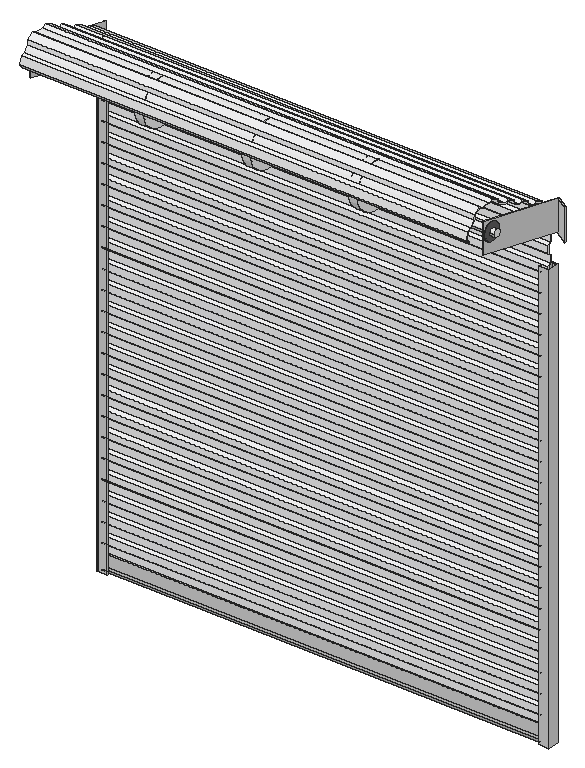
Revit family "Doors_Industrial_Wayne-Dalton_Roll-Up-Sheet-Mini-Storage-Doors-Model-DS-75_", category Specialty Equipment, host Wall, Revit 2019 (continued)
Definition of nested family "Top Slat"
  Lines and regions (in)
    symbolic lines
      curve 24: line (-40, -4.04848, 0) -> (40, -4.04848, 0)
    symbolic lines, visible <- "H2"
      curve 25: line (-40, 13.99447, 0) -> (40, 13.99447, 0)
      curve 26: line (-40, 13.05417, 0) -> (40, 13.05417, 0)
      curve 27: line (40, 13.15169, 0) -> (-40, 13.15169, 0)
      curve 28: line (-40, 11.86627, 0) -> (40, 11.86627, 0)
    symbolic lines, visible <- "H3"
      curve 29: line (40, 15.07359, 0) -> (-40, 15.07359, 0)
      curve 30: line (-40, 14.50531, 0) -> (40, 14.50531, 0)
      curve 31: line (-40, 14.35979, 0) -> (40, 14.35979, 0)
      curve 32: line (-40, 12.75531, 0) -> (40, 12.75531, 0)
      curve 33: line (-40, 12.60979, 0) -> (40, 12.60979, 0)
  Dimensions and locks (in)
    equal spacing: plane 4, plane 3 "Center (Left/Right)", plane 5
    "Opening Width": plane 4 to plane 5
    locked: curve 1 to curve 1 at 15
    locked: curve 2 to curve 2 at 15
    locked: curve 3 to curve 3 at 15
    "Offset 2": curve 2 to curve 1
    "Offset 1": curve 3 to curve 2
    "Primar Offset": curve 3 to level
    locked: level to curve 4 at 2.14106
    locked: Extrusion 2 sketch curve to Extrusion 2 sketch curve at 0.04825
    locked: plane 6 to plane 1 "Center (Front/Back)" at 4.39453
    "Headroom Width": plane 7 to plane 6
    locked: plane 7 to plane 8 at 1
    locked: Extrusion 3 sketch curve to Extrusion 3 sketch curve at 0.03956
    locked: Extrusion 3 sketch curve to Extrusion 3 sketch curve at 0.04  (x3)
    locked: Extrusion 4 sketch curve to Extrusion 4 sketch curve at 0.04825
    locked: Extrusion 4 sketch curve to Extrusion 4 sketch curve at 0.048
    locked: curve 4 to Extrusion 3 sketch curve at 0.00045
    locked: curve 4 to Extrusion 1 sketch curve at 0
    locked: curve 4 to Extrusion 1 sketch curve at 0.02514
    locked: curve 4 to Extrusion 2 sketch curve at 0
    locked: curve 4 to Extrusion 2 sketch curve at 0.0298
    locked: curve 4 to Extrusion 3 sketch curve at 0.0265
    locked: curve 4 to Extrusion 4 sketch curve at 0
    curve 4 to Extrusion 4 sketch curve = 0.03078"
    locked: Extrusion 5 sketch curve to Extrusion 5 sketch curve at 0.03956
    locked: Extrusion 5 sketch curve to Extrusion 5 sketch curve at 0.04  (x3)
    locked: Extrusion 6 sketch curve to Extrusion 6 sketch curve at 0.04825
    locked: Extrusion 6 sketch curve to Extrusion 6 sketch curve at 0.048
    locked: curve 4 to Extrusion 5 sketch curve at 0.00045
    locked: curve 4 to Extrusion 5 sketch curve at 0.0265
    locked: curve 4 to Extrusion 6 sketch curve at 0
    locked: curve 4 to Extrusion 6 sketch curve at 0.03123
    aligned and locked: plane 2 to level
    aligned and locked: plane 4 to Extrusion 1
    aligned and locked: plane 5 to Extrusion 1
    aligned and locked: plane 1 "Center (Front/Back)" to curve 1
    aligned and locked: plane 1 "Center (Front/Back)" to curve 2
    aligned and locked: plane 1 "Center (Front/Back)" to curve 3
    aligned and locked: curve 1 to Extrusion 1 sketch curve
    aligned and locked: plane 4 to Extrusion 2
    aligned and locked: plane 5 to Extrusion 2
    aligned and locked: Extrusion 2 sketch curve to Extrusion 2 sketch curve  (x4)
    aligned and locked: Masking region 1 sketch curve to plane 4
    aligned and locked: plane 5 to Masking region 1 sketch curve
    aligned and locked: curve 1 to Extrusion 2 sketch curve
    aligned and locked: curve 5 to plane 1 "Center (Front/Back)"
    aligned and locked: level to curve 5
    aligned and locked: plane 8 to Masking region 1 sketch curve
    aligned and locked: Masking region 1 sketch curve to plane 6
    aligned and locked: Extrusion 1 sketch curve to Extrusion 1 sketch curve  (x2)
    aligned and locked: Extrusion 4 sketch curve to Extrusion 4 sketch curve  (x4)
    aligned and locked: Extrusion 3 sketch curve to Extrusion 3 sketch curve  (x4)
    aligned and locked: curve 1 to Extrusion 3 sketch curve
    aligned and locked: curve 1 to Extrusion 4 sketch curve
    aligned and locked: plane 4 to curve 6
    aligned and locked: plane 4 to curve 7
    aligned and locked: plane 4 to curve 8
    aligned and locked: plane 4 to curve 9
    aligned and locked: plane 4 to curve 10
    aligned and locked: plane 4 to curve 11
    aligned and locked: plane 4 to curve 13
    aligned and locked: plane 4 to curve 12
    aligned and locked: plane 4 to curve 14
    aligned and locked: plane 4 to curve 15
    aligned and locked: plane 4 to curve 17
    aligned and locked: plane 4 to curve 16
    aligned and locked: plane 4 to curve 18
    aligned and locked: plane 4 to curve 20
    aligned and locked: plane 4 to curve 21
    aligned and locked: plane 4 to curve 22
    aligned and locked: plane 4 to curve 23
    aligned and locked: plane 4 to curve 24
    aligned and locked: plane 5 to curve 6
    aligned and locked: plane 5 to curve 7
    aligned and locked: plane 5 to curve 8
    aligned and locked: plane 5 to curve 9
    aligned and locked: plane 5 to curve 10
    aligned and locked: plane 5 to curve 11
    aligned and locked: plane 5 to curve 13
    aligned and locked: plane 5 to curve 12
    aligned and locked: plane 5 to curve 14
    aligned and locked: plane 5 to curve 15
    aligned and locked: plane 5 to curve 17
    aligned and locked: plane 5 to curve 16
    aligned and locked: plane 5 to curve 18
    aligned and locked: plane 5 to curve 19
    aligned and locked: plane 5 to curve 20
    aligned and locked: plane 5 to curve 21
    aligned and locked: plane 5 to curve 22
    aligned and locked: plane 5 to curve 23
    aligned and locked: plane 5 to curve 24
    aligned and locked: plane 4 to curve 28
    aligned and locked: plane 4 to curve 27
    aligned and locked: plane 4 to curve 26
    aligned and locked: plane 4 to curve 25
    aligned and locked: plane 5 to curve 25
    aligned and locked: plane 5 to curve 27
    aligned and locked: plane 5 to curve 26
    aligned and locked: plane 5 to curve 28
    aligned and locked: Extrusion 6 sketch curve to Extrusion 6 sketch curve  (x2)
    aligned and locked: Extrusion 5 sketch curve to Extrusion 5 sketch curve  (x4)
    aligned and locked: curve 1 to Extrusion 5 sketch curve
    aligned and locked: curve 1 to Extrusion 6 sketch curve
    aligned and locked: plane 4 to curve 29
    aligned and locked: plane 4 to curve 31
    aligned and locked: plane 4 to curve 30
    aligned and locked: plane 5 to curve 29
    aligned and locked: plane 5 to curve 31
    aligned and locked: plane 5 to curve 30
    aligned and locked: plane 4 to curve 33
    aligned and locked: plane 4 to curve 32
    aligned and locked: plane 5 to curve 33
    aligned and locked: plane 5 to curve 32
    aligned and locked: plane 4 to Extrusion 6
    aligned and locked: plane 5 to Extrusion 6
    aligned and locked: plane 4 to Extrusion 4
    aligned and locked: plane 5 to Extrusion 4
    aligned and locked: plane 4 to Extrusion 5
    aligned and locked: plane 5 to Extrusion 5
    aligned and locked: plane 4 to Extrusion 3
    aligned and locked: plane 5 to Extrusion 3
  Automatic sketch dimensions
    Extrusion 1 sketch curve to Extrusion 1 sketch curve = 0"  (x12)
    Extrusion 1 sketch curve to curve 5 = 0"  (x2)
    Extrusion 1 sketch curve to Extrusion 1 sketch curve = 0.56497"
    Extrusion 1 sketch curve to Extrusion 1 sketch curve = 0.0272"  (x6)
    Extrusion 1 sketch curve to Extrusion 1 sketch curve = 0.64574"
    Extrusion 1 sketch curve to curve 5 = 0.68277"
    Extrusion 1 sketch curve to Extrusion 1 sketch curve = 0.04488"  (x5)
    Extrusion 1 sketch curve to curve 5 = 0.3569"
    Extrusion 1 sketch curve to curve 5 = 0.32769"
    Extrusion 1 sketch curve to Extrusion 1 sketch curve = 0.01699"
    Extrusion 1 sketch curve to curve 5 = 0.12471"
    curve 5 to Extrusion 1 sketch curve = 0.19682"
    Extrusion 1 sketch curve to Extrusion 1 sketch curve = 0.01215"
    curve 5 to Extrusion 1 sketch curve = 0.55172"
    curve 5 to Extrusion 1 sketch curve = 0.7721"
    Extrusion 1 sketch curve to Extrusion 1 sketch curve = 0.28098"
    Extrusion 1 sketch curve to Extrusion 1 sketch curve = 0.51318"
    Extrusion 1 sketch curve to Extrusion 1 sketch curve = 1.23493"
    Extrusion 1 sketch curve to Extrusion 1 sketch curve = 0.02782"
    Extrusion 1 sketch curve to Extrusion 1 sketch curve = 0.29567"
    Extrusion 1 sketch curve to Extrusion 1 sketch curve = 0.0306"
    Extrusion 1 sketch curve to Extrusion 1 sketch curve = 0.64923"
    Extrusion 1 sketch curve to Extrusion 1 sketch curve = 0.20776"
    Extrusion 1 sketch curve to Extrusion 1 sketch curve = 0.04464"
    Extrusion 1 sketch curve to Extrusion 1 sketch curve = 0.29385"
    Extrusion 1 sketch curve to Extrusion 1 sketch curve = 0.89389"
    Extrusion 1 sketch curve to Extrusion 1 sketch curve = 0.01825"
    Extrusion 1 sketch curve to Extrusion 1 sketch curve = 0.62408"
    Extrusion 1 sketch curve to Extrusion 1 sketch curve = 0.02793"  (x2)
    Extrusion 1 sketch curve to Extrusion 1 sketch curve = 0.68424"
    Extrusion 1 sketch curve to Extrusion 1 sketch curve = 0.02485"
    Extrusion 1 sketch curve to Extrusion 1 sketch curve = 0.66535"
    Extrusion 1 sketch curve to curve 5 = 0.8781"
    Extrusion 1 sketch curve to Extrusion 1 sketch curve = 0.32341"
    Extrusion 1 sketch curve to curve 5 = 0.87393"
    Extrusion 1 sketch curve to Extrusion 1 sketch curve = 0.04208"
    curve 5 to Extrusion 1 sketch curve = 0.56257"
    curve 5 to Extrusion 1 sketch curve = 0.55484"
    Extrusion 1 sketch curve to Extrusion 1 sketch curve = 0.25252"
    Extrusion 1 sketch curve to Extrusion 1 sketch curve = 0.04485"  (x2)
    Extrusion 1 sketch curve to Extrusion 1 sketch curve = 0.30641"
    Extrusion 1 sketch curve to Extrusion 1 sketch curve = 0.62143"
    Extrusion 1 sketch curve to Extrusion 1 sketch curve = 0.00194"
    Extrusion 1 sketch curve to Extrusion 1 sketch curve = 1.14573"
    Extrusion 1 sketch curve to Extrusion 1 sketch curve = 9/256"  (x2)
    Extrusion 1 sketch curve to Extrusion 1 sketch curve = 0.14076"
    Extrusion 1 sketch curve to Extrusion 1 sketch curve = 1.42922"
    Extrusion 1 sketch curve to Extrusion 1 sketch curve = 0.00147"
    Extrusion 1 sketch curve to Extrusion 1 sketch curve = 0.62927"
    Extrusion 1 sketch curve to Extrusion 1 sketch curve = 0.00101"  (x5)
    Extrusion 1 sketch curve to Extrusion 1 sketch curve = 1.13468"
    Extrusion 1 sketch curve to Extrusion 1 sketch curve = 0.03571"  (x6)
    Extrusion 1 sketch curve to Extrusion 1 sketch curve = 0.12285"
    Extrusion 1 sketch curve to curve 5 = 6.97507"
    Extrusion 1 sketch curve to Extrusion 1 sketch curve = 0.60537"
    Extrusion 1 sketch curve to curve 5 = 8.71613"
    Extrusion 1 sketch curve to Extrusion 1 sketch curve = 0.12221"
    Extrusion 1 sketch curve to Extrusion 1 sketch curve = 1.17357"
    Extrusion 1 sketch curve to Extrusion 1 sketch curve = 0.04"
    Extrusion 1 sketch curve to Extrusion 1 sketch curve = 0.64734"
    Extrusion 1 sketch curve to Extrusion 1 sketch curve = 0.00187"
    Extrusion 1 sketch curve to Extrusion 1 sketch curve = 1.09725"
    Extrusion 1 sketch curve to Extrusion 1 sketch curve = 0.03739"
    Extrusion 1 sketch curve to Extrusion 1 sketch curve = 0.08141"
    Extrusion 1 sketch curve to Extrusion 1 sketch curve = 0.03815"
    curve 5 to Extrusion 1 sketch curve = 3.78025"
    Extrusion 1 sketch curve to Extrusion 1 sketch curve = 0.03876"
    Extrusion 1 sketch curve to Extrusion 1 sketch curve = 0.61348"
    Extrusion 1 sketch curve to Extrusion 1 sketch curve = 0.03523"
    curve 5 to Extrusion 1 sketch curve = 4.25989"
    Extrusion 1 sketch curve to Extrusion 1 sketch curve = 0.04322"
    level to curve 5 = 5 3/4"
    curve 4 to plane 1 "Center (Front/Back)" = 11.033"
    curve 4 to curve 4 = 2 1/2"
    Extrusion 4 sketch curve to Extrusion 4 sketch curve = 0"  (x65)
    Extrusion 4 sketch curve to Extrusion 4 sketch curve = 0.32225"
    Extrusion 4 sketch curve to Extrusion 4 sketch curve = 0.06012"  (x4)
    Extrusion 4 sketch curve to Extrusion 4 sketch curve = 0.07517"  (x4)
    Extrusion 4 sketch curve to Extrusion 4 sketch curve = 0.08333"  (x3)
    Extrusion 4 sketch curve to Extrusion 4 sketch curve = 0.57278"  (x3)
    Extrusion 4 sketch curve to Extrusion 4 sketch curve = 0.02213"  (x2)
    Extrusion 4 sketch curve to Extrusion 4 sketch curve = 0.02726"  (x2)
    Extrusion 4 sketch curve to curve 5 = 0.6899"
    Extrusion 4 sketch curve to Extrusion 4 sketch curve = 0.04171"
    Extrusion 4 sketch curve to Extrusion 4 sketch curve = 0.1473"
    Extrusion 4 sketch curve to curve 5 = 0.47706"
    Extrusion 4 sketch curve to curve 5 = 0.25844"
    curve 5 to Extrusion 4 sketch curve = 0.25167"
    curve 5 to Extrusion 4 sketch curve = 0.31434"
    curve 5 to Extrusion 4 sketch curve = 0.47214"
    curve 5 to Extrusion 4 sketch curve = 0.87639"
    Extrusion 4 sketch curve to curve 5 = 0.21948"
    Extrusion 4 sketch curve to Extrusion 4 sketch curve = 0.52428"
    Extrusion 4 sketch curve to Extrusion 4 sketch curve = 0.78914"
    curve 5 to Extrusion 4 sketch curve = 1.42761"
    Extrusion 4 sketch curve to Extrusion 4 sketch curve = 0.04685"  (x2)
    Extrusion 4 sketch curve to Extrusion 4 sketch curve = 0.02465"
    Extrusion 4 sketch curve to Extrusion 4 sketch curve = 0.54359"
    Extrusion 4 sketch curve to Extrusion 4 sketch curve = 1.72645"
    Extrusion 4 sketch curve to Extrusion 4 sketch curve = 0.2369"
    curve 5 to Extrusion 4 sketch curve = 0.89292"
    Extrusion 4 sketch curve to curve 5 = 2.14049"
    Extrusion 4 sketch curve to Extrusion 4 sketch curve = 0.00006"  (x2)
    Extrusion 4 sketch curve to Extrusion 4 sketch curve = 0.67367"
    Extrusion 4 sketch curve to Extrusion 4 sketch curve = 0.07679"
    Extrusion 4 sketch curve to Extrusion 4 sketch curve = 0.0002"
    curve 5 to Extrusion 4 sketch curve = 0.20782"
    Extrusion 4 sketch curve to Extrusion 4 sketch curve = 0.44787"
    Extrusion 4 sketch curve to Extrusion 4 sketch curve = 0.00003"
    Extrusion 4 sketch curve to Extrusion 4 sketch curve = 0.00002"
    Extrusion 4 sketch curve to Extrusion 4 sketch curve = 0.8149"
    Extrusion 4 sketch curve to curve 5 = 1.70852"
    Extrusion 4 sketch curve to Extrusion 4 sketch curve = 1.59541"
    Extrusion 4 sketch curve to Extrusion 4 sketch curve = 0.58475"  (x3)
    Extrusion 4 sketch curve to Extrusion 4 sketch curve = 0.81429"  (x2)
    Extrusion 4 sketch curve to Extrusion 4 sketch curve = 0.12675"  (x4)
    Extrusion 4 sketch curve to Extrusion 4 sketch curve = 0.01454"
    Extrusion 4 sketch curve to Extrusion 4 sketch curve = 1.1591"
    Extrusion 4 sketch curve to Extrusion 4 sketch curve = 0.06107"
    Extrusion 4 sketch curve to Extrusion 4 sketch curve = 0.12885"
    Extrusion 4 sketch curve to Extrusion 4 sketch curve = 0.13884"  (x2)
    Extrusion 4 sketch curve to curve 5 = 9.66331"
    curve 5 to Extrusion 4 sketch curve = 0.9045"
    Extrusion 4 sketch curve to curve 5 = 1.72614"
    Extrusion 4 sketch curve to Extrusion 4 sketch curve = 0.46495"
    Extrusion 4 sketch curve to Extrusion 4 sketch curve = 0.78351"
    curve 5 to Extrusion 4 sketch curve = 3.70979"
    Extrusion 4 sketch curve to Extrusion 4 sketch curve = 0.21738"
    curve 5 to Extrusion 4 sketch curve = 3.98138"
    Extrusion 4 sketch curve to Extrusion 4 sketch curve = 0.04611"
    Extrusion 4 sketch curve to Extrusion 4 sketch curve = 0.00428"
    Extrusion 4 sketch curve to Extrusion 4 sketch curve = 0.14729"
    Extrusion 4 sketch curve to Extrusion 4 sketch curve = 0.03776"
    Extrusion 4 sketch curve to Extrusion 4 sketch curve = 0.15976"
    Extrusion 4 sketch curve to Extrusion 4 sketch curve = 0.06672"
    Extrusion 4 sketch curve to Extrusion 4 sketch curve = 0.0151"
    Extrusion 4 sketch curve to Extrusion 4 sketch curve = 0.08442"
    Extrusion 4 sketch curve to Extrusion 4 sketch curve = 0.05052"
    Extrusion 4 sketch curve to Extrusion 4 sketch curve = 9/128"
    Extrusion 4 sketch curve to Extrusion 4 sketch curve = 0.02074"
    Extrusion 5 sketch curve to Extrusion 5 sketch curve = 0"  (x6)
    Extrusion 5 sketch curve to curve 5 = 0"  (x2)
    Extrusion 5 sketch curve to Extrusion 5 sketch curve = 0.25358"
    Extrusion 5 sketch curve to Extrusion 5 sketch curve = 0.02845"
    Extrusion 5 sketch curve to Extrusion 5 sketch curve = 0.56623"
    Extrusion 5 sketch curve to Extrusion 5 sketch curve = 0.02929"  (x6)
    Extrusion 5 sketch curve to curve 5 = 1.17672"
    Extrusion 5 sketch curve to Extrusion 5 sketch curve = 0.04495"  (x8)
    Extrusion 5 sketch curve to curve 5 = 1.07672"
    Extrusion 5 sketch curve to Extrusion 5 sketch curve = 0.02458"
    Extrusion 5 sketch curve to Extrusion 5 sketch curve = 0.31664"
    Extrusion 5 sketch curve to curve 5 = 0.68918"
    Extrusion 5 sketch curve to curve 5 = 0.65858"
    Extrusion 5 sketch curve to Extrusion 5 sketch curve = 0.021"
    Extrusion 5 sketch curve to curve 5 = 0.02133"
    curve 5 to Extrusion 5 sketch curve = 0.00796"
    curve 5 to Extrusion 5 sketch curve = 0.0943"
    curve 5 to Extrusion 5 sketch curve = 0.45588"
    curve 5 to Extrusion 5 sketch curve = 0.58183"
    curve 5 to Extrusion 5 sketch curve = 0.62174"
    Extrusion 5 sketch curve to Extrusion 5 sketch curve = 0.0203"
    Extrusion 5 sketch curve to Extrusion 5 sketch curve = 0.41693"
    Extrusion 5 sketch curve to Extrusion 5 sketch curve = 0.02422"
    Extrusion 5 sketch curve to Extrusion 5 sketch curve = 0.63856"  (x2)
    curve 5 to Extrusion 5 sketch curve = 1.35131"
    Extrusion 5 sketch curve to Extrusion 5 sketch curve = 0.33064"
    Extrusion 5 sketch curve to Extrusion 5 sketch curve = 0.44259"
    Extrusion 5 sketch curve to Extrusion 5 sketch curve = 1.01464"
    Extrusion 5 sketch curve to Extrusion 5 sketch curve = 0.00974"
    Extrusion 5 sketch curve to Extrusion 5 sketch curve = 0.10163"
    Extrusion 5 sketch curve to Extrusion 5 sketch curve = 0.69497"
    Extrusion 5 sketch curve to Extrusion 5 sketch curve = 0.01661"
    Extrusion 5 sketch curve to Extrusion 5 sketch curve = 0.37559"
    Extrusion 5 sketch curve to Extrusion 5 sketch curve = 0.70523"
    Extrusion 5 sketch curve to Extrusion 5 sketch curve = 0.6612"
    Extrusion 5 sketch curve to Extrusion 5 sketch curve = 0.04208"
    Extrusion 5 sketch curve to Extrusion 5 sketch curve = 0.11952"
    Extrusion 5 sketch curve to Extrusion 5 sketch curve = 0.0436"
    Extrusion 5 sketch curve to curve 5 = 0.19034"
    Extrusion 5 sketch curve to Extrusion 5 sketch curve = 0.30271"
    Extrusion 5 sketch curve to curve 5 = 0.20685"
    Extrusion 5 sketch curve to Extrusion 5 sketch curve = 0.03919"
    Extrusion 5 sketch curve to Extrusion 5 sketch curve = 0.65175"
    Extrusion 5 sketch curve to Extrusion 5 sketch curve = 0.03433"
    curve 5 to Extrusion 5 sketch curve = 0.34432"
    Extrusion 5 sketch curve to Extrusion 5 sketch curve = 0.42367"
    curve 5 to Extrusion 5 sketch curve = 0.33302"
    Extrusion 5 sketch curve to Extrusion 5 sketch curve = 0.04371"
    Extrusion 5 sketch curve to Extrusion 5 sketch curve = 1.22646"
    Extrusion 5 sketch curve to Extrusion 5 sketch curve = 0.02893"
    Extrusion 5 sketch curve to Extrusion 5 sketch curve = 0.27509"
    Extrusion 5 sketch curve to Extrusion 5 sketch curve = 1.37271"
    Extrusion 5 sketch curve to Extrusion 5 sketch curve = 0.60317"
    Extrusion 5 sketch curve to Extrusion 5 sketch curve = 0.00421"  (x5)
    Extrusion 5 sketch curve to Extrusion 5 sketch curve = 1.1654"
    Extrusion 5 sketch curve to Extrusion 5 sketch curve = 0.03402"  (x4)
    Extrusion 5 sketch curve to Extrusion 5 sketch curve = 0.16319"
    Extrusion 5 sketch curve to Extrusion 5 sketch curve = 1.15237"
    Extrusion 5 sketch curve to Extrusion 5 sketch curve = 0.60738"
    Extrusion 5 sketch curve to curve 5 = 8.11793"
    Extrusion 5 sketch curve to curve 5 = 8.28112"
    Extrusion 5 sketch curve to curve 5 = 9.46751"
    Extrusion 5 sketch curve to curve 5 = 10.05225"
    Extrusion 5 sketch curve to Extrusion 5 sketch curve = 0.68449"
    Extrusion 5 sketch curve to Extrusion 5 sketch curve = 0.01071"
    Extrusion 5 sketch curve to Extrusion 5 sketch curve = 0.89424"
    Extrusion 5 sketch curve to Extrusion 5 sketch curve = 0.0414"
    Extrusion 5 sketch curve to Extrusion 5 sketch curve = 0.01772"
    Extrusion 5 sketch curve to Extrusion 5 sketch curve = 0.04198"
    curve 5 to Extrusion 5 sketch curve = 3.64415"
    Extrusion 5 sketch curve to Extrusion 5 sketch curve = 0.03501"
    curve 5 to Extrusion 5 sketch curve = 4.21708"
    curve 5 to Extrusion 5 sketch curve = 4.21953"
    Extrusion 5 sketch curve to Extrusion 5 sketch curve = 0.03996"
    Extrusion 5 sketch curve to Extrusion 5 sketch curve = 0.04004"
    Extrusion 5 sketch curve to Extrusion 5 sketch curve = 0.02615"
    Extrusion 5 sketch curve to Extrusion 5 sketch curve = 0.03238"
    Extrusion 6 sketch curve to Extrusion 6 sketch curve = 0"  (x65)
    Extrusion 6 sketch curve to Extrusion 6 sketch curve = 0.21115"
    Extrusion 6 sketch curve to Extrusion 6 sketch curve = 0.06115"
    Extrusion 6 sketch curve to Extrusion 6 sketch curve = 0.06274"
    Extrusion 6 sketch curve to Extrusion 6 sketch curve = 0.05852"  (x3)
    Extrusion 6 sketch curve to Extrusion 6 sketch curve = 0.55472"  (x4)
    Extrusion 6 sketch curve to Extrusion 6 sketch curve = 0.0162"
    Extrusion 6 sketch curve to Extrusion 6 sketch curve = 0.02893"  (x2)
    Extrusion 6 sketch curve to curve 5 = 0.68287"
    Extrusion 6 sketch curve to Extrusion 6 sketch curve = 0.05965"  (x4)
    Extrusion 6 sketch curve to Extrusion 6 sketch curve = 0.07128"  (x4)
    Extrusion 6 sketch curve to curve 5 = 0.49342"
    Extrusion 6 sketch curve to curve 5 = 0.048"
    curve 5 to Extrusion 6 sketch curve = 0.0613"
    curve 5 to Extrusion 6 sketch curve = 0.07751"
    curve 5 to Extrusion 6 sketch curve = 0.44378"
    curve 5 to Extrusion 6 sketch curve = 0.58215"
    curve 5 to Extrusion 6 sketch curve = 0.75005"
    curve 5 to Extrusion 6 sketch curve = 0.7716"
    curve 5 to Extrusion 6 sketch curve = 0.89122"
    Extrusion 6 sketch curve to Extrusion 6 sketch curve = 0.04105"  (x2)
    Extrusion 6 sketch curve to Extrusion 6 sketch curve = 0.0265"
    Extrusion 6 sketch curve to Extrusion 6 sketch curve = 0.59945"
    Extrusion 6 sketch curve to Extrusion 6 sketch curve = 0.50807"
    Extrusion 6 sketch curve to Extrusion 6 sketch curve = 0.81618"
    Extrusion 6 sketch curve to Extrusion 6 sketch curve = 0.05911"
    Extrusion 6 sketch curve to Extrusion 6 sketch curve = 0.48157"
    Extrusion 6 sketch curve to curve 5 = 1.04769"
    Extrusion 6 sketch curve to curve 5 = 2.18234"
    Extrusion 6 sketch curve to Extrusion 6 sketch curve = 0.00007"
    Extrusion 6 sketch curve to Extrusion 6 sketch curve = 0.04158"
    Extrusion 6 sketch curve to Extrusion 6 sketch curve = 0.00002"
    Extrusion 6 sketch curve to curve 5 = 0.38253"
    Extrusion 6 sketch curve to Extrusion 6 sketch curve = 0.47698"
    Extrusion 6 sketch curve to Extrusion 6 sketch curve = 0.0002"
    curve 5 to Extrusion 6 sketch curve = 0.2457"
    curve 5 to Extrusion 6 sketch curve = 1.44084"
    Extrusion 6 sketch curve to Extrusion 6 sketch curve = 0.6019"  (x3)
    Extrusion 6 sketch curve to Extrusion 6 sketch curve = 0.81644"  (x3)
    Extrusion 6 sketch curve to Extrusion 6 sketch curve = 0.12898"  (x4)
    Extrusion 6 sketch curve to Extrusion 6 sketch curve = 0.01636"  (x3)
    Extrusion 6 sketch curve to Extrusion 6 sketch curve = 1.23539"
    Extrusion 6 sketch curve to Extrusion 6 sketch curve = 0.13499"
    Extrusion 6 sketch curve to Extrusion 6 sketch curve = 1.1751"
    Extrusion 6 sketch curve to Extrusion 6 sketch curve = 0.06029"
    Extrusion 6 sketch curve to Extrusion 6 sketch curve = 0.13097"
    Extrusion 6 sketch curve to curve 5 = 7.90686"
    Extrusion 6 sketch curve to curve 5 = 8.7233"
    Extrusion 6 sketch curve to curve 5 = 10.03582"
    Extrusion 6 sketch curve to Extrusion 6 sketch curve = 0.05466"
    Extrusion 6 sketch curve to curve 5 = 10.23076"
    Extrusion 6 sketch curve to curve 5 = 10.83267"
    Extrusion 6 sketch curve to Extrusion 6 sketch curve = 0.14028"
    Extrusion 6 sketch curve to Extrusion 6 sketch curve = 0.13334"
    Extrusion 6 sketch curve to Extrusion 6 sketch curve = 0.00005"
    Extrusion 6 sketch curve to curve 5 = 0.6917"
    curve 5 to Extrusion 6 sketch curve = 1.01918"
    Extrusion 6 sketch curve to Extrusion 6 sketch curve = 0.81747"
    Extrusion 6 sketch curve to Extrusion 6 sketch curve = 1.47915"
    Extrusion 6 sketch curve to Extrusion 6 sketch curve = 0.06212"
    Extrusion 6 sketch curve to Extrusion 6 sketch curve = 0.55737"
    Extrusion 6 sketch curve to curve 5 = 0.95042"
    Extrusion 6 sketch curve to Extrusion 6 sketch curve = 0.04904"
    Extrusion 6 sketch curve to Extrusion 6 sketch curve = 0.19488"
    Extrusion 6 sketch curve to Extrusion 6 sketch curve = 0.05692"
    Extrusion 6 sketch curve to Extrusion 6 sketch curve = 0.10792"
    Extrusion 6 sketch curve to Extrusion 6 sketch curve = 0.03534"
    Extrusion 6 sketch curve to Extrusion 6 sketch curve = 0.13703"
    Extrusion 6 sketch curve to Extrusion 6 sketch curve = 0.01568"
    Extrusion 6 sketch curve to Extrusion 6 sketch curve = 0.02747"
    Extrusion 6 sketch curve to Extrusion 6 sketch curve = 0.11221"
    Extrusion 6 sketch curve to Extrusion 6 sketch curve = 0.06329"
    Extrusion 6 sketch curve to Extrusion 6 sketch curve = 0.0315"
    Extrusion 2 sketch curve to Extrusion 2 sketch curve = 0"  (x57)
    Extrusion 2 sketch curve to Extrusion 2 sketch curve = 0.3622"
    Extrusion 2 sketch curve to Extrusion 2 sketch curve = 0.06052"  (x4)
    Extrusion 2 sketch curve to Extrusion 2 sketch curve = 0.07889"  (x4)
    Extrusion 2 sketch curve to Extrusion 2 sketch curve = 0.10741"  (x3)
    Extrusion 2 sketch curve to Extrusion 2 sketch curve = 151/256"  (x3)
    Extrusion 2 sketch curve to Extrusion 2 sketch curve = 0.02787"  (x2)
    Extrusion 2 sketch curve to Extrusion 2 sketch curve = 0.0256"  (x2)
    Extrusion 2 sketch curve to curve 5 = 0.35297"
    Extrusion 2 sketch curve to curve 5 = 0.10615"
    curve 5 to Extrusion 2 sketch curve = 0.16941"
    curve 5 to Extrusion 2 sketch curve = 0.4837"
    curve 5 to Extrusion 2 sketch curve = 0.65577"
    Extrusion 2 sketch curve to Extrusion 2 sketch curve = 0.71036"
    curve 5 to Extrusion 2 sketch curve = 1.08535"
    curve 5 to Extrusion 2 sketch curve = 1.71222"
    Extrusion 2 sketch curve to Extrusion 2 sketch curve = 0.05246"
    Extrusion 2 sketch curve to Extrusion 2 sketch curve = 0.02284"
    Extrusion 2 sketch curve to Extrusion 2 sketch curve = 0.46749"
    Extrusion 2 sketch curve to Extrusion 2 sketch curve = 0.57726"
    Extrusion 2 sketch curve to Extrusion 2 sketch curve = 0.7844"
    Extrusion 2 sketch curve to curve 5 = 0.2666"
    Extrusion 2 sketch curve to curve 5 = 2.04125"
    Extrusion 2 sketch curve to Extrusion 2 sketch curve = 0.00007"
    Extrusion 2 sketch curve to Extrusion 2 sketch curve = 0.21414"
    Extrusion 2 sketch curve to Extrusion 2 sketch curve = 0.00002"
    curve 5 to Extrusion 2 sketch curve = 0.48466"
    Extrusion 2 sketch curve to Extrusion 2 sketch curve = 0.32493"
    Extrusion 2 sketch curve to Extrusion 2 sketch curve = 0.00021"
    Extrusion 2 sketch curve to Extrusion 2 sketch curve = 1.93887"
    Extrusion 2 sketch curve to Extrusion 2 sketch curve = 0.56753"  (x3)
    Extrusion 2 sketch curve to Extrusion 2 sketch curve = 0.81146"  (x2)
    Extrusion 2 sketch curve to Extrusion 2 sketch curve = 0.12447"  (x4)
    Extrusion 2 sketch curve to Extrusion 2 sketch curve = 0.01276"  (x2)
    Extrusion 2 sketch curve to Extrusion 2 sketch curve = 1.14167"
    Extrusion 2 sketch curve to Extrusion 2 sketch curve = 0.06177"
    Extrusion 2 sketch curve to Extrusion 2 sketch curve = 0.12668"
    Extrusion 2 sketch curve to Extrusion 2 sketch curve = 0.13732"  (x2)
    Extrusion 2 sketch curve to curve 5 = 8.682"
    curve 5 to Extrusion 2 sketch curve = 0.37452"
    Extrusion 2 sketch curve to curve 5 = 0.51674"
    curve 5 to Extrusion 2 sketch curve = 1.00615"
    Extrusion 2 sketch curve to Extrusion 2 sketch curve = 0.79002"
    Extrusion 2 sketch curve to Extrusion 2 sketch curve = 1.72189"
    Extrusion 2 sketch curve to Extrusion 2 sketch curve = 0.23393"
    Extrusion 2 sketch curve to Extrusion 2 sketch curve = 0.6719"
    Extrusion 2 sketch curve to curve 5 = 0.0826"
    Extrusion 2 sketch curve to curve 5 = 0.03782"
    Extrusion 2 sketch curve to Extrusion 2 sketch curve = 0.18683"
    Extrusion 2 sketch curve to Extrusion 2 sketch curve = 0.06302"
    Extrusion 2 sketch curve to Extrusion 2 sketch curve = 0.08417"
    Extrusion 2 sketch curve to Extrusion 2 sketch curve = 0.02756"
    Extrusion 2 sketch curve to Extrusion 2 sketch curve = 0.1224"
    Extrusion 2 sketch curve to Extrusion 2 sketch curve = 0.00089"
    Extrusion 2 sketch curve to Extrusion 2 sketch curve = 0.05801"
    Extrusion 2 sketch curve to Extrusion 2 sketch curve = 0.01729"
    Extrusion 2 sketch curve to Extrusion 2 sketch curve = 0.07565"
    Extrusion 2 sketch curve to Extrusion 2 sketch curve = 0.01266"
    Extrusion 3 sketch curve to Extrusion 3 sketch curve = 0"  (x10)
    Extrusion 3 sketch curve to curve 5 = 0"  (x2)
    Extrusion 3 sketch curve to Extrusion 3 sketch curve = 0.37899"
    Extrusion 3 sketch curve to Extrusion 3 sketch curve = 0.0281"  (x8)
    Extrusion 3 sketch curve to Extrusion 3 sketch curve = 0.59705"
    Extrusion 3 sketch curve to curve 5 = 0.96048"
    Extrusion 3 sketch curve to Extrusion 3 sketch curve = 0.04506"  (x7)
    Extrusion 3 sketch curve to curve 5 = 0.6193"
    Extrusion 3 sketch curve to curve 5 = 0.43212"
    curve 5 to Extrusion 3 sketch curve = 0.24097"
    curve 5 to Extrusion 3 sketch curve = 0.41696"
    Extrusion 3 sketch curve to Extrusion 3 sketch curve = 0.29611"
    curve 5 to Extrusion 3 sketch curve = 121/128"
    curve 5 to Extrusion 3 sketch curve = 1.0525"
    Extrusion 3 sketch curve to Extrusion 3 sketch curve = 0.00283"
    Extrusion 3 sketch curve to Extrusion 3 sketch curve = 0.64499"  (x2)
    Extrusion 3 sketch curve to Extrusion 3 sketch curve = 0.6592"
    Extrusion 3 sketch curve to Extrusion 3 sketch curve = 0.00357"
    Extrusion 3 sketch curve to Extrusion 3 sketch curve = 0.16278"
    Extrusion 3 sketch curve to Extrusion 3 sketch curve = 0.30933"
    Extrusion 3 sketch curve to Extrusion 3 sketch curve = 0.48329"
    Extrusion 3 sketch curve to Extrusion 3 sketch curve = 1.06624"
    Extrusion 3 sketch curve to Extrusion 3 sketch curve = 0.03854"
    Extrusion 3 sketch curve to Extrusion 3 sketch curve = 0.04753"
    Extrusion 3 sketch curve to Extrusion 3 sketch curve = 0.03899"
    Extrusion 3 sketch curve to Extrusion 3 sketch curve = 0.16989"
    Extrusion 3 sketch curve to Extrusion 3 sketch curve = 0.04725"
    Extrusion 3 sketch curve to Extrusion 3 sketch curve = 0.30004"
    Extrusion 3 sketch curve to Extrusion 3 sketch curve = 0.70132"
    Extrusion 3 sketch curve to Extrusion 3 sketch curve = 0.03263"
    curve 5 to Extrusion 3 sketch curve = 0.79277"
    Extrusion 3 sketch curve to Extrusion 3 sketch curve = 0.50947"
    curve 5 to Extrusion 3 sketch curve = 0.81463"
    Extrusion 3 sketch curve to Extrusion 3 sketch curve = 0.03621"
    Extrusion 3 sketch curve to Extrusion 3 sketch curve = 0.56671"
    Extrusion 3 sketch curve to Extrusion 3 sketch curve = 0.03847"
    curve 5 to Extrusion 3 sketch curve = 0.33862"
    Extrusion 3 sketch curve to Extrusion 3 sketch curve = 0.50619"
    curve 5 to Extrusion 3 sketch curve = 0.3562"
    Extrusion 3 sketch curve to Extrusion 3 sketch curve = 0.04131"
    Extrusion 3 sketch curve to Extrusion 3 sketch curve = 0.60373"
    Extrusion 3 sketch curve to Extrusion 3 sketch curve = 0.00265"  (x4)
    Extrusion 3 sketch curve to Extrusion 3 sketch curve = 1.14822"  (x2)
    Extrusion 3 sketch curve to Extrusion 3 sketch curve = 0.03501"  (x4)
    Extrusion 3 sketch curve to Extrusion 3 sketch curve = 0.14004"  (x2)
    Extrusion 3 sketch curve to Extrusion 3 sketch curve = 1.13539"
    Extrusion 3 sketch curve to Extrusion 3 sketch curve = 0.61999"
    Extrusion 3 sketch curve to curve 5 = 8.25668"
    Extrusion 3 sketch curve to Extrusion 3 sketch curve = 0.59687"
    Extrusion 3 sketch curve to curve 5 = 0.91773"
    Extrusion 3 sketch curve to Extrusion 3 sketch curve = 0.02362"
    Extrusion 3 sketch curve to Extrusion 3 sketch curve = 0.37538"
    Extrusion 3 sketch curve to Extrusion 3 sketch curve = 0.02728"
    Extrusion 3 sketch curve to Extrusion 3 sketch curve = 0.68944"
    Extrusion 3 sketch curve to Extrusion 3 sketch curve = 0.02302"
    curve 5 to Extrusion 3 sketch curve = 3.64323"
    Extrusion 3 sketch curve to Extrusion 3 sketch curve = 0.04244"
    Extrusion 3 sketch curve to Extrusion 3 sketch curve = 0.22079"
    Extrusion 3 sketch curve to Extrusion 3 sketch curve = 0.045"
    Extrusion 3 sketch curve to curve 5 = 0.10496"
    Extrusion 3 sketch curve to Extrusion 3 sketch curve = 0.04092"
    curve 19 to plane 4 = 0"
    plane 1 "Center (Front/Back)" to curve 24 = 4.04848"
    curve 24 to curve 23 = 0.64872"
    curve 23 to curve 22 = 0.74338"
    curve 22 to curve 21 = 1.13324"
    curve 21 to curve 20 = 0.64921"
    curve 19 to plane 1 "Center (Front/Back)" = 0.55413"
    curve 19 to curve 18 = 0.62164"
    curve 18 to curve 16 = 1.18331"
    curve 16 to curve 17 = 0.14209"
    curve 17 to curve 15 = 1.42145"
    curve 15 to curve 14 = 0.63522"
    curve 14 to curve 12 = 1.1719"
    curve 12 to curve 13 = 0.12285"
    curve 13 to curve 11 = 1.122"
    curve 11 to curve 10 = 0.60537"
    curve 10 to curve 9 = 1.1719"
    curve 9 to curve 8 = 1.24485"
    curve 8 to curve 7 = 0.60537"
    curve 7 to curve 6 = 1.1719"
    curve 6 to curve 28 = 0.09231"
    curve 28 to curve 33 = 0.74352"
    curve 33 to curve 32 = 0.14552"
    curve 32 to curve 26 = 0.29885"
    curve 26 to curve 27 = 0.09752"
    curve 27 to curve 25 = 0.84279"
    curve 25 to curve 31 = 0.36532"
    curve 31 to curve 30 = 0.14552"
    curve 30 to curve 29 = 0.56828"
